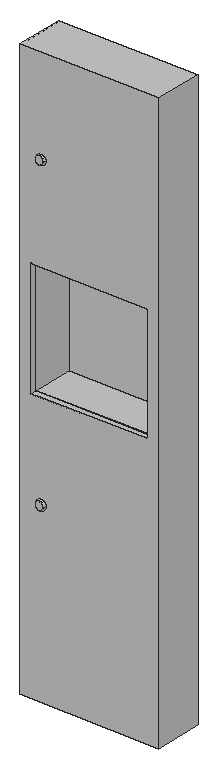
Revit family "Paper Dispenser and Waste_Metlam_Surface Mounted_19L Waste", category Specialty Equipment, Revit 2016
Family settings
  Part Type = Normal
  Round Connector Dimension = Use Diameter
  OmniClass Number = 23.40.20.21.17
  OmniClass Title = Paper Towel Dispensers, Disposal Units
  Work Plane-Based = No
  Always vertical = Yes
  Cut with Voids When Loaded = No
  Shared = No
  Room Calculation Point = Yes
Parameters (values of type "333w x 115d x 1397h (ML706SM_MK2)")
  URL = "http://www.metlam.com.au/"
  Type Comments = "2 in 1 Combo Units"  # constant formula
  Model = "ML706SM_MK2"
  Material_ANZRS = z_Metlam_Metal_Stainless Steel_Satin
  Manufacturer_URL__Product Specific = "https://metlam.com.au/product/content/paper-towel-dispenser-comb-units/ML706SM_MK2"
  Manufacturer_Spec Code = Model  # "ML706SM_MK2"
  Manufacturer_Overall Width = 333 mm  # constant formula
  Manufacturer_Overall Height = 1397 mm  # constant formula
  Manufacturer_Overall Depth = 115 mm  # constant formula
  Manufacturer_Height From FFL [instance] = 400 mm
  Manufacturer = "Metlam"  # constant formula
  Description = "Paper Towel Dispenser & Waste Receptacle - Surface Mounted"
  CreatedBy_ANZRS = "IGS BIM Solutions"  # constant formula
  CreatedByURL_ANZRS = "http://www.igsgroup.com.au/"
  Assembly Code = ""
Reference planes
  plane 1 "Back": y = 0
  plane 2 "Ref. Level": z = 0
  plane 3 "Center (Left/Right)": x = 0
  plane 4 "Left": x = -166.5
  plane 5 "Right": x = 166.5
  plane 6 "Front Panel_Back": y = -100
  plane 7 "Front": y = -115
  plane 8 "Top": z = 1797
  plane 9 "Mounting Height": z = 1315
  plane 10 "Bottom": z = 400
Forms (mm)
  Extrusion 1, solid, material "z_Metlam_Metal_Stainless Steel_Satin" <- "Material_ANZRS"
    sketch origin (0, 0, 1265) x (1, 0, 0) y (0, 0, 1)
      loop
        line (-146, -842.5) -> (146, -842.5) -> (146, 509.5) -> (-146, 509.5) -> (-146, -842.5)
      loop
        line (-144, -840.5) -> (144, -840.5) -> (144, 507.5) -> (-144, 507.5) -> (-144, -840.5)
    from 0 to 100
  Extrusion 2, solid, material "z_Metlam_Metal_Stainless Steel_Satin" <- "Material_ANZRS"
    sketch origin (0, 0, 1265) x (1, 0, 0) y (0, 0, 1)
      loop
        line (-146, -842.5) -> (146, -842.5) -> (146, 509.5) -> (-146, 509.5) -> (-146, -842.5)
    from 0 to 2
  Extrusion 3, solid, material "z_Metlam_Metal_Stainless Steel_Satin" <- "Material_ANZRS"
    sketch origin (0, 0, 1265) x (1, 0, 0) y (0, 0, 1)
      loop
        line (166.5, 532) -> (-166.5, 532) -> (-166.5, -865) -> (166.5, -865) -> (166.5, 532)
      loop
        line (-140, 70) -> (-140, -210) -> (140, -210) -> (140, 70) -> (-140, 70)
    from 100 to 115
  Extrusion 4, solid, material "z_Metlam_Metal_Stainless Steel_Satin" <- "Material_ANZRS"
    sketch origin (0, 70, 2055) x (1, 0, 0) y (0, 0, 1)
      loop
        line (-120, -720) -> (-120, -740) -> (-10, -740) -> (-10, -730) -> (10, -730) -> (10, -740) -> (120, -740) -> (120, -720) -> (-120, -720)
    from 145 to 155
  Extrusion 5, solid, material "z_Metlam_Metal_Stainless Steel_Satin" <- "Material_ANZRS"
    sketch origin (0, 0, 1265) x (1, 0, 0) y (0, 0, 1)
      loop
        line (-140, 70) -> (-140, -210) -> (140, -210) -> (140, 70) -> (-140, 70)
      loop
        line (-141.6, 71.6) -> (-141.6, -211.6) -> (141.6, -211.6) -> (141.6, 71.6) -> (-141.6, 71.6)
    from 2 to 100
  Blend 6, solid, material "z_Metlam_Metal_Stainless Steel_Satin" <- "Material_ANZRS", detail levels medium+fine
    base sketch origin (0, -115, 435) x (1, 0, 0) y (0, 0, 1)
      loop
        circle (-116.5, 1131) r 11.5
    top sketch origin (0, -115, 435) x (1, 0, 0) y (0, 0, 1)
      loop
        circle (-116.5, 1131) r 9.5
    from 0 to 5
  Blend 7, solid, material "z_Metlam_Metal_Stainless Steel_Satin" <- "Material_ANZRS", detail levels medium+fine
    base sketch origin (0, -115, 435) x (1, 0, 0) y (0, 0, 1)
      loop
        circle (-116.5, 389) r 11.5
    top sketch origin (0, -115, 435) x (1, 0, 0) y (0, 0, 1)
      loop
        circle (-116.5, 389) r 9.5
    from 0 to 5
  Extrusion 8, solid, material "z_Metlam_Metal_Stainless Steel_Satin" <- "Material_ANZRS"
    sketch origin (0, -115, 435) x (1, 0, 0) y (0, 0, 1)
      loop
        line (166.5, 1362) -> (-166.5, 1362) -> (-166.5, -35) -> (166.5, -35) -> (166.5, 1362)
      loop
        line (164.9, 1360.4) -> (-164.9, 1360.4) -> (-164.9, -33.4) -> (164.9, -33.4) -> (164.9, 1360.4)
    from -15 to -115
Cuts and joins
  joined: Extrusion 1, Extrusion 2
  joined: Extrusion 3, Extrusion 8
Lines and regions (mm)
  Masking region 1
    outline origin (0, 0, 0) x (1, 0, 0) y (0, 1, 0)
      loop
        line (166.5, 0) -> (-166.5, 0) -> (-166.5, -115) -> (166.5, -115) -> (166.5, 0)
  symbolic lines, style "Bathroom Fixtures", detail levels medium+fine
    curve 1: line (-166.5, -100, 0) -> (166.5, -100, 0)
Text (mm)
  text "> Contact Manufacturer to confirm feasibility of design variations outside the scope of this Revit Family\n\n\n\nDisclaimer:\n\nDue to ongoing product development and manufacturing evolution, product details are subject to change without notice. Please refer to product technical data sheets on the manufacturer’s website for the most current product information. Please allow a +/- 5mm manufacturing tolerance for dimensions and set-outs shown in product literature." at (357.026, 93.237, 0), in view "Ref. Level_Instruction"
Dimensions and locks
  equal spacing: plane 4 "Left", plane 3 "Center (Left/Right)", plane 5 "Right"
  "Manufacturer_Overall Width": plane 4 "Left" to plane 5 "Right"
  "Manufacturer_Overall Depth": plane 7 "Front" to plane 1 "Back"
  plane 8 "Top" to Extrusion 1 sketch curve to Extrusion 1 sketch curve = 22.5 mm locked, 2 mm locked
  Extrusion 1 sketch curve to Extrusion 1 sketch curve to plane 4 "Left" = 2 mm locked, 20.5 mm locked
  Extrusion 1 sketch curve to Extrusion 1 sketch curve to plane 5 "Right" = 2 mm locked, 20.5 mm locked
  "Manufacturer_Height From FFL": plane 10 "Bottom" to level
  "Manufacturer_Overall Height": plane 8 "Top" to plane 10 "Bottom"
  locked: Extrusion 3 sketch curve to plane 10 "Bottom" at 655
  locked: Extrusion 2 sketch curve to plane 8 "Top" at 22.5
  locked: plane 10 "Bottom" to Extrusion 2 sketch curve at 22.5
  locked: Extrusion 2 sketch curve to plane 5 "Right" at 20.5
  locked: Extrusion 2 sketch curve to plane 4 "Left" at 20.5
  plane 10 "Bottom" to Extrusion 1 sketch curve to Extrusion 1 sketch curve = 22.5 mm locked, 2 mm locked
  locked: Extrusion 5 sketch curve to Extrusion 5 sketch curve at 1.6
  locked: Extrusion 5 sketch curve to Extrusion 5 sketch curve at 280
  locked: plane 9 "Mounting Height" to Extrusion 4 sketch curve at 20
  plane 9 "Mounting Height" to Extrusion 4 sketch curve = 10 mm
  locked: plane 9 "Mounting Height" to plane 10 "Bottom" at 915
  aligned and locked: plane 2 "Ref. Level" to level
  aligned and locked: Extrusion 3 sketch curve to plane 8 "Top"
  aligned and locked: plane 7 "Front" to Extrusion 3
  aligned and locked: Extrusion 3 to plane 6 "Front Panel_Back"
  aligned and locked: Masking region 1 sketch curve to Extrusion 3
  aligned and locked: Masking region 1 sketch curve to plane 1 "Back"
  aligned and locked: plane 6 "Front Panel_Back" to Extrusion 5
  aligned and locked: Extrusion 5 to cut or joined group of Extrusion 1, Extrusion 2
  aligned and locked: plane 9 "Mounting Height" to Extrusion 4 sketch curve  (x2)
  aligned and locked: plane 4 "Left" to Extrusion 3 sketch curve
  aligned and locked: plane 5 "Right" to Extrusion 3 sketch curve
  aligned and locked: Extrusion 3 sketch curve to plane 10 "Bottom"
  aligned and locked: Blend 7 to Extrusion 3
  aligned and locked: Blend 7 to Blend 6
  aligned and locked: cut or joined group of Extrusion 3, Extrusion 8 to Extrusion 5  (x4)
  aligned and locked: Extrusion 8 sketch curve to plane 4 "Left"
  aligned and locked: plane 8 "Top" to Extrusion 8 sketch curve
  aligned and locked: plane 5 "Right" to Extrusion 8 sketch curve
  aligned and locked: plane 10 "Bottom" to Extrusion 8 sketch curve
  aligned and locked: cut or joined group of Extrusion 1, Extrusion 2 to Extrusion 8
  aligned and locked: Extrusion 8 to plane 1 "Back"
Automatic sketch dimensions
  plane 4 "Left" to Extrusion 3 sketch curve = 26.5 mm
  plane 5 "Right" to Extrusion 3 sketch curve = 26.5 mm
  plane 4 "Left" to Extrusion 4 sketch curve = 46.5 mm
  Extrusion 4 sketch curve to plane 3 "Center (Left/Right)" = 10 mm
  plane 3 "Center (Left/Right)" to Extrusion 4 sketch curve = 10 mm
  plane 5 "Right" to Extrusion 4 sketch curve = 46.5 mm
  plane 4 "Left" to Extrusion 5 sketch curve = 24.9 mm
  Extrusion 5 sketch curve to Extrusion 5 sketch curve = 1.6 mm  (x3)
  plane 5 "Right" to Extrusion 5 sketch curve = 26.5 mm
  Extrusion 3 sketch curve to plane 9 "Mounting Height" = 20 mm
  plane 9 "Mounting Height" to Extrusion 5 sketch curve = 261.6 mm
  plane 4 "Left" to Blend 6 sketch curve = 50 mm  (x2)
  Blend 6 sketch curve to plane 8 "Top" = 231 mm  (x2)
  plane 4 "Left" to Blend 7 sketch curve = 50 mm  (x2)
  plane 10 "Bottom" to Blend 7 sketch curve = 424 mm  (x2)
  curve 1 to plane 4 "Left" = 0 mm
  curve 1 to plane 5 "Right" = 0 mm
  plane 6 "Front Panel_Back" to curve 1 = 0 mm
  plane 4 "Left" to Extrusion 8 sketch curve = 1.6 mm
  plane 5 "Right" to Extrusion 8 sketch curve = 1.6 mm
  plane 10 "Bottom" to Extrusion 8 sketch curve = 1.6 mm
  Extrusion 8 sketch curve to plane 8 "Top" = 1.6 mm
  Masking region 1 sketch curve to plane 5 "Right" = 0 mm
  plane 7 "Front" to Masking region 1 sketch curve = 0 mm
  radius of Blend 6 sketch curve = 11.5 mm
  radius of Blend 6 sketch curve = 9.5 mm
  radius of Blend 7 sketch curve = 11.5 mm
  radius of Blend 7 sketch curve = 9.5 mm
